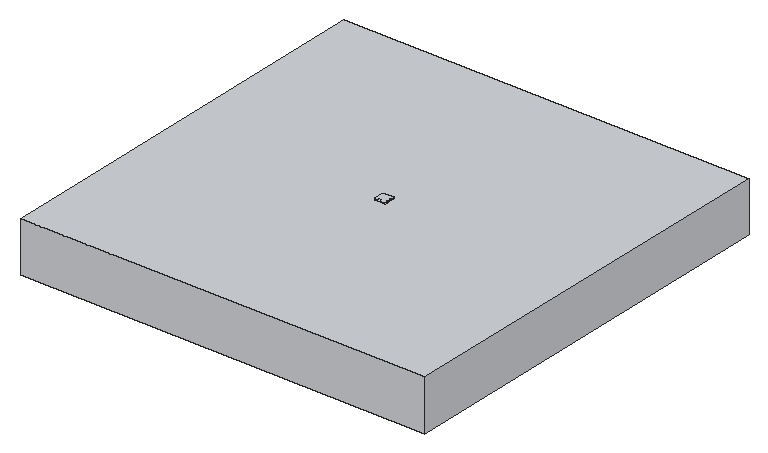
Revit family "Gira_039800", category Allgemeines Modell, Revit 2017
Family settings
  Basisbauteil = Fläche
  Kann Basisbauteil für Bewehrung sein = Nein
  Bemaßung runder Anschluss = Durchmesser verwenden
  Teiletyp = Normal
  Beim Laden mit Abzugskörper schneiden = Nein
  Gemeinsam genutzt = Nein
  Raumberechnungspunkt = Nein
Parameters
  Zusammenstellung = "Basiselement"
  Zufallsgenerator = no
  Werkstoffgüte = "sonstige"
  Werkstoff = "sonstige"
  Default Elevation = 1219.2 mm
  Verwendbar mit Zeitschalter/Timer = no
  Verwendbar mit Taste = yes
  Verwendbar mit Präsenzmelder = no
  Verwendbar mit IR-Taste = no
  Verwendbar mit Funktaste = no
  Verwendbar mit Bewegungsmelder = no
  URL = "https://www.gira.de/"
  Typname = "Jal.strg 230 V + Nebenst.eing. Einsatz"
  Transparent = no
  Seriendimmer = no
  Produktseite = "http://katalog.gira.de/de_DE/datenblatt.html?artikelnr=039800"
  Oberfläche = "sonstige"
  Nennspannung [Volt] 5 = 230
  Nennspannung [Volt] 2 = 230
  Nennspannung [Volt] 1 = 230
  Nennspannung [Volt] = "[230:230]"
  Nebenstelleneingang = yes
  Montageart = "Unterputz"
  Mit Memory-Funktion = no
  Mit Helligkeitssensoranschluss = no
  Mit Glasbruchmelderanschluss = no
  Mit Astro-Programm = no
  Max. Schaltleistung [Voltampere] = 1000
  Lichtwertspeicher = no
  Lastart = "sonstige"
  Integrierte Zeitschaltuhr = no
  Hersteller = "Gira"
  Halogenfrei = no
  HAN = "039800"
  Geeignet für Windsensor = no
  Geeignet für Schutzart (IP) = "IP20"
  Geeignet für Regensensor = no
  GTIN = "4010337398004"
  Funk bidirektional = no
  Frequenz [Hz] = "[50:50]"
  Farbe = "sonstige"
  Dimmung Phasenanschnitt = no
  Dimmung Phasenabschnitt = no
  Datenblatt = "https://katalog.gira.de/de_DE/download.html?artikelnr=039800"
  Bussystem Powernet = no
  Bussystem LON = no
  Bussystem KNX-Funk = no
  Bussystem KNX = yes
  Bussystem Funkbus = no
  Beschreibung = "Einsatz Jalousiesteuerung 230 V~ mit Nebenstelleneingang   Merkmale: Mit eNet Server einstellbar.: - Lokalisierung des Geräts. - Vollverschlüsselte Funkübertragung (AES-CCM) ab eNet Server Software Version 2.0. - Bediensperren. - Update der Gerätesoftware. - Ansteuerung eines Jalousie- oder Rollladenmotors mit mechanischen oder elektronischen Endlagenschaltern. - Mechanische Taster oder weitere Einsätze Jalousiesteuerung über 230 V Nebenstelleneingänge zum Aufbau von Gruppensteuerungen anschließbar. - Windalarm Funktion\" über Nebenstelleneingänge realisierbar. - Motorschutz durch gegeneinander verriegelte Relaiskontakte mit minimaler Umschaltzeit.  Hinweise : - Bei Verwendung eines Aufsatzes aus Metall und oder eines Abdeckrahmen aus Metall kann es zu Reichweiteneinbußen kommen. - Die Funkzulassung gilt für Staaten der EU und EFTA. - N-Leiter erforderlich. - Verwendung einer tiefen Gerätedose empfohlen.\""
  Befestigungsart = "Krallen-/Schraubbefestigung"
  Bedienungsart = "Dreh-/Druckknopf"
  BIM = "https://media.stage.bim.site/public/gira/876eb45/Einsatz_1fach.rfa"
  Aussperrsicherung = no
  Ausführung der Oberfläche = "nicht zutreffend"
  App-Steuerung über Bluetooth = no
  Anschlussart = "Schraubklemme"
  Andere Bussysteme = "ohne"
Reference planes
  plane 1 "Center (Front/Back)": y = 0
  plane 2: z = 0
  plane 3 "Center (Left/Right)": x = 0
Forms (mm)
  Extrusion 1, solid
    sketch origin (0, 0, 0) x (1, 0, 0) y (0, 1, 0)
      loop
        line (-1219.2, 1219.2) -> (-1219.2, -1219.2) -> (1219.2, -1219.2) -> (1219.2, 1219.2) -> (-1219.2, 1219.2)
    from 0 to -304.8
  Extrusion 2, solid, detail levels fine
    sketch origin (0, 0, 0) x (1, 0, 0) y (0, 1, 0)
      loop
        line (27.475, 35.475) -> (-27.475, 35.475)
        arc (-27.475, 35.475) -> (-33.132, 33.132) -> (-35.475, 27.475) r 8
        line (-35.475, 27.475) -> (-35.475, -27.475)
        arc (-35.475, -27.475) -> (-33.132, -33.132) -> (-27.475, -35.475) r 8
        line (-27.475, -35.475) -> (27.475, -35.475)
        arc (27.475, -35.475) -> (33.132, -33.132) -> (35.475, -27.475) r 8
        line (35.475, -27.475) -> (35.475, 27.475)
        arc (35.475, 27.475) -> (33.132, 33.132) -> (27.475, 35.475) r 8
    from 0 to 1.8
  Extrusion 3, solid, detail levels fine
    sketch origin (0, 0, 0) x (1, 0, 0) y (0, 1, 0)
      loop
        line (9.678, 25.4) -> (-9.678, 25.4)
        arc (-9.678, 25.4) -> (-12.885, 24.922) -> (-15.814, 23.53) r 11
        arc (-15.814, 23.53) -> (-17.795, 22.07) -> (-19.641, 20.444) r 28.35
        arc (-19.641, 20.444) -> (-21.339, 18.665) -> (-22.876, 16.745) r 28.35
        arc (-22.876, 16.745) -> (-24.456, 13.666) -> (-25, 10.248) r 11
        line (-25, 10.248) -> (-25, -10.248)
        arc (-25, -10.248) -> (-24.456, -13.666) -> (-22.876, -16.745) r 11
        arc (-22.876, -16.745) -> (-20.409, -19.677) -> (-17.569, -22.25) r 28.35
        line (-17.569, -22.25) -> (17.569, -22.25)
        arc (17.569, -22.25) -> (20.409, -19.677) -> (22.876, -16.745) r 28.35
        arc (22.876, -16.745) -> (24.456, -13.666) -> (25, -10.248) r 11
        line (25, -10.248) -> (25, 10.248)
        arc (25, 10.248) -> (24.456, 13.666) -> (22.876, 16.745) r 11
        arc (22.876, 16.745) -> (21.593, 18.37) -> (20.195, 19.897) r 28.35
        arc (20.195, 19.897) -> (18.096, 21.823) -> (15.814, 23.53) r 28.35
        arc (15.814, 23.53) -> (12.885, 24.922) -> (9.678, 25.4) r 11
    from 0 to -22
  Extrusion 4, solid, detail levels medium
    sketch origin (0, 0, 0) x (1, 0, 0) y (0, 1, 0)
      loop
        line (-25, 25.4) -> (-25, -22.25) -> (25, -22.25) -> (25, 25.4) -> (-25, 25.4)
    from 0 to -22
  Extrusion 5, solid, detail levels coarse
    sketch origin (0, 0, 0) x (1, 0, 0) y (0, 1, 0)
      loop
        line (35.475, 35.475) -> (-35.475, 35.475) -> (-35.475, -35.475) -> (35.475, -35.475) -> (35.475, 35.475)
    from -22 to 1.8
  Extrusion 6, solid, detail levels medium
    sketch origin (0, 0, 0) x (1, 0, 0) y (0, 1, 0)
      loop
        line (35.475, 35.475) -> (-35.475, 35.475) -> (-35.475, -35.475) -> (35.475, -35.475) -> (35.475, 35.475)
    from 0 to 1.8
Dimensions and locks
  aligned and locked: plane 2 to Extrusion 1
  aligned and locked: level to Extrusion 1
Connectors
  electrical at (0, 0, -22)
    settings: on Extrusion 5, index 1, voltage 220 V, apparent load 0 VA, apparent load phase1 0 VA, apparent load phase2 0 VA, apparent load phase3 0 VA, power factor 1, load classification "Other", number of poles 1, system type 30, power factor state 1, is connector primary yes, connector utility no, sub classification motor no, connector description ""
